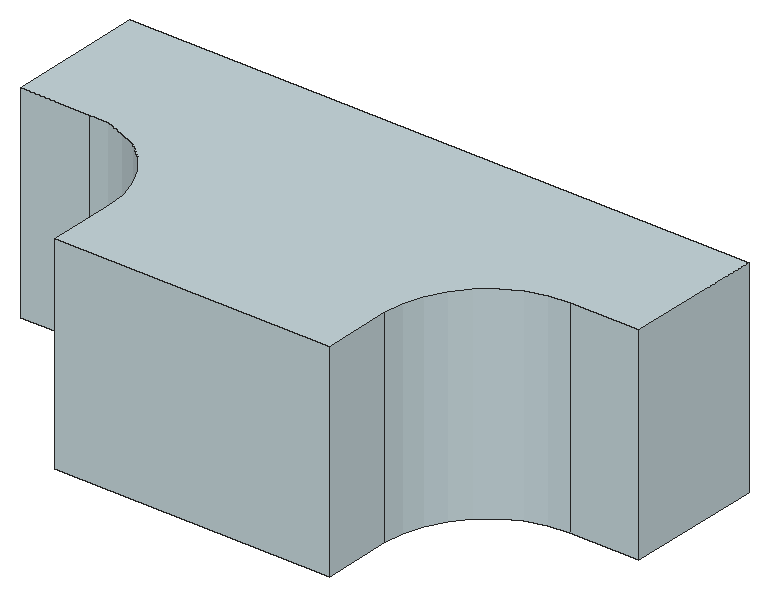
Revit family "P3 - Rectangular Connector", category Duct Fittings, Revit 2015
Parameters (values of type "Default")
  Ɛ (Roughness) = 0.03 mm
  URL = "http://www.p3italy.it/"
  P3 - Z Shift [instance] = 0 mm
  P3 - S Radius_2 (alternative) [instance] = 0 mm
  P3 - S Radius_2 [instance] = if([P3 - Radius (suggested)] > [P3 - S Radius_2 (alternative)], [P3 - Radius (suggested)], [P3 - S Radius_2 (alternative)])  # 150 mm
  P3 - Radius (suggested) [instance] = if([P3 - B Depth] < 500 mm, 150 mm, if([P3 - B Depth] > 1000 mm, 250 mm, 200 mm))  # 150 mm
  P3 - R Radius_1 (alternative) [instance] = 0 mm
  P3 - R Radius_1 [instance] = if([P3 - Radius (suggested)] > [P3 - R Radius_1 (alternative)], [P3 - Radius (suggested)], [P3 - R Radius_1 (alternative)])  # 150 mm
  P3 - P Width_3 [instance] = 200 mm
  P3 - M Width_2 [instance] = 200 mm
  P3 - L Line_5 [instance] = 100 mm
  P3 - K Line_4 [instance] = [P3 - F Line_2]  # 100 mm
  P3 - G Line_3 [instance] = [P3 - L Line_5]  # 100 mm
  P3 - F Line_2 [instance] = 100 mm
  P3 - E Line_1 [instance] = 100 mm
  P3 - Dos_Name = "pezzo803.dll"
  P3 - Code = 803
  P3 - Capitolato = "http://www.p3italy.it/pagine/it-capitolati"
  P3 - B Depth [instance] = 300 mm
  P3 - Article = "Rectangular connector"
  P3 - Angle [instance] = 0.00°
  P3 - A Width_1 [instance] = 400 mm
  P3 - Material = P3 - Alluminio
Reference planes
  plane 1 "Center (Front/Back)": y = 0
  plane 2: z = 0
  plane 3 "Center (Left/Right)": x = 0
  plane 4: x = -200
  plane 5: x = 200
  plane 6: y = -100
  plane 7: y = -350
  plane 8: x = 350
  plane 9: x = -350
  plane 10 "base": y = -250
  plane 11: x = -450
  plane 12: x = 450
  plane 13: z = 150
  plane 14: z = -150
  plane 15: y = 100
  plane 16: y = 100
  plane 17: y = -100
  plane 18: y = -250
Forms (mm)
  Extrusion 1, solid, material "P3 - Alluminio" <- "P3 - Material", detail levels medium+fine
    sketch origin (0, 0, 0) x (1, 0, 0) y (0, 1, 0)
      loop
        line (-200, -350) -> (200, -350) -> (200, -250)
        arc (200, -250) -> (243.934, -143.934) -> (350, -100) r 150
        line (350, -100) -> (450, -100) -> (450, 100) -> (350, 100) -> (0, 100) -> (-350, 100) -> (-450, 100) -> (-450, -100) -> (-350, -100)
        arc (-350, -100) -> (-243.934, -143.934) -> (-200, -250) r 150
        line (-200, -250) -> (-200, -350)
    from -150 to 150
  Extrusion 2, solid, material "P3 - Alluminio" <- "P3 - Material", detail levels medium+fine
    sketch origin (0, 0, 0) x (1, 0, 0) y (0, 1, 0)
      loop
        line (-350, 100) -> (0, 0) -> (350, 100) -> (-350, 100)
    from -150 to 150
Cuts and joins
  joined: Extrusion 1, Extrusion 2
Lines and regions (mm)
  model lines, detail levels coarse
    curve 1: line (0, -350, 0) -> (0, -250, 0)
    curve 2: line (-350, 0, 0) -> (0, -250, 0)
    curve 3: line (0, -250, 0) -> (350, 0, 0)
    curve 4: line (350, 0, 0) -> (450, 0, 0)
    curve 5: line (-350, 0, 0) -> (-450, 0, 0)
    curve 6: line (-350, 0, 0) -> (350, 0, 0)
Dimensions and locks
  equal spacing: plane 4, plane 3 "Center (Left/Right)", plane 5
  "P3 - P Width_3": plane 6 to plane 15
  "P3 - E Line_1": plane 10 "base" to plane 7
  "P3 - A Width_1": plane 4 to plane 5
  "P3 - S Radius_2": plane 6 to plane 10 "base"
  "P3 - S Radius_2": plane 5 to plane 8
  "P3 - R Radius_1": plane 9 to plane 4
  "P3 - F Line_2": plane 11 to plane 9
  "P3 - L Line_5": plane 8 to plane 12
  equal spacing: plane 13, level, plane 14
  "P3 - B Depth": plane 13 to plane 14
  plane 10 "base" to plane 7 = 100 mm
  plane 8 to plane 12 = 100 mm
  plane 11 to plane 9 = 100 mm
  equal spacing: plane 15, plane 1 "Center (Front/Back)", plane 6
  "P3 - M Width_2": plane 17 to plane 16
  locked: plane 16 to Extrusion 2 sketch curve at 0
  locked: plane 15 to Extrusion 2 sketch curve at 0
  "P3 - R Radius_1": plane 18 to plane 17
  "P3 - Z Shift": plane 18 to plane 10 "base"
  equal spacing: plane 17, curve 5, plane 16
  "P3 - S Radius_2": radius of Extrusion 1 sketch curve
  "P3 - R Radius_1": radius of Extrusion 1 sketch curve
  "P3 - Angle": angle cut or joined group of Extrusion 1, Extrusion 2 to plane 15
  aligned and locked: Extrusion 1 sketch curve to plane 12
  aligned and locked: Extrusion 1 sketch curve to plane 6
  aligned and locked: plane 5 to Extrusion 1 sketch curve
  aligned and locked: plane 13 to Extrusion 1
  aligned and locked: Extrusion 1 to plane 14
  aligned and locked: plane 15 to Extrusion 1 sketch curve
  aligned and locked: plane 7 to curve 1
  aligned and locked: plane 3 "Center (Left/Right)" to curve 1
  aligned and locked: plane 8 to Extrusion 1 sketch curve
  aligned and locked: plane 4 to Extrusion 1 sketch curve
  aligned and locked: Extrusion 1 sketch curve to plane 11
  aligned and locked: plane 16 to Extrusion 1 sketch curve
  aligned and locked: plane 9 to Extrusion 1 sketch curve
  aligned and locked: Extrusion 1 sketch curve to plane 17
  aligned and locked: Extrusion 1 sketch curve to plane 7
  aligned and locked: plane 13 to Extrusion 2
  aligned and locked: Extrusion 2 to plane 14
  aligned and locked: plane 10 "base" to curve 1
  aligned and locked: plane 1 "Center (Front/Back)" to curve 4
  aligned and locked: plane 12 to curve 4
  aligned and locked: plane 8 to curve 4
  aligned and locked: plane 11 to curve 5
  aligned and locked: plane 9 to curve 5
Automatic sketch dimensions
  Extrusion 2 sketch curve to plane 9 = 0 mm
  plane 1 "Center (Front/Back)" to Extrusion 2 sketch curve = 0 mm
  Extrusion 2 sketch curve to plane 3 "Center (Left/Right)" = 0 mm
  Extrusion 2 sketch curve to plane 8 = 0 mm
  Extrusion 1 sketch curve to plane 3 "Center (Left/Right)" = 0 mm
Connectors
  hvac at (0, -350, 0), driven by "P3 - B Depth", driven by "P3 - A Width_1"
    settings: on cut or joined group of Extrusion 1, Extrusion 2, index 1, duct flow 0.0 L/s, flow factor 0, pres drop 0.0 Pa, loss coef 0, conn angle 0.00°, conn width 400 mm, conn height 300 mm, conn diameter 609.6 mm, duct sys type 28, conn prof type 1, flow config 0, flow direction 0, loss method 0, conn ref index -1, conn util no, is conn primary no, conn desc ""
  hvac at (450, 0, 0), driven by "P3 - B Depth", driven by "P3 - P Width_3"
    settings: on cut or joined group of Extrusion 1, Extrusion 2, index 2, duct flow 0.0 L/s, flow factor 0, pres drop 0.0 Pa, loss coef 0, conn angle 0.00°, conn width 200 mm, conn height 300 mm, conn diameter 609.6 mm, duct sys type 28, conn prof type 1, flow config 0, flow direction 0, loss method 0, conn ref index 3, conn util no, is conn primary no, conn desc ""
  hvac at (-450, 0, 0), driven by "P3 - B Depth", driven by "P3 - M Width_2"
    settings: on cut or joined group of Extrusion 1, Extrusion 2, index 3, duct flow 0.0 L/s, flow factor 0, pres drop 0.0 Pa, loss coef 0, conn angle 0.00°, conn width 200 mm, conn height 300 mm, conn diameter 609.6 mm, duct sys type 28, conn prof type 1, flow config 0, flow direction 0, loss method 0, conn ref index 2, conn util no, is conn primary yes, conn desc ""
